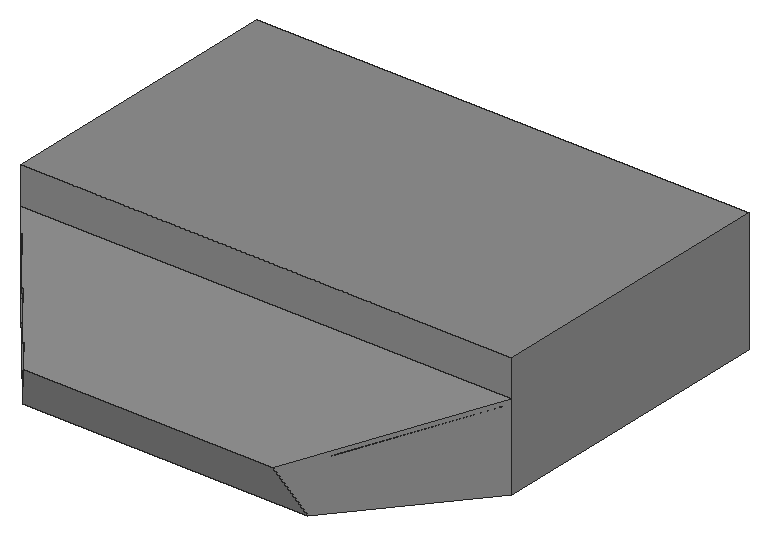
Revit family "QF_Summit_HSHELL20PL_Shell Hood", category Specialty Equipment, Revit 2020
Family settings
  Round Connector Dimension = Use Diameter
  Part Type = Normal
  Work Plane-Based = No
  Always vertical = Yes
  Cut with Voids When Loaded = No
  Shared = No
  Room Calculation Point = No
Parameters
  Weight in Pounds = 10
  URL Cutsheet = ""
  Specification by User = ""
  Specification by Manufacturer = ""
  Serial Number = ""
  Seismic Rating = ""
  SMACNA No = ""
  Revision Code = ""
  NAFEM Spec ID Number = ""
  Model = "HSHELL20PL"
  Masterspec = ""
  Manufacturer = "Summit"
  Length = 20"
  Item Number = ""
  Installed By = ""
  Identify Quantity as Lot = yes
  Height = 5"
  Furnished By = ""
  Foodservice Equipment Identifier = yes
  Description = "20\" Shell Hood"
  Depth = 18"
  Default Elevation = 0"
  CSI MasterFormat = ""
Reference planes (in)
  plane 1 "BACK": y = 0
  plane 2: z = 0
  plane 3 "LEFT": x = 0
  plane 4 "RIGHT": x = 20
  plane 5 "FRONT": y = -18
  plane 6 "TOP": z = 5
  plane 7 "Center Y": x = 10
  plane 8 "Center X": y = -9
  plane 9: z = 3.5
  plane 10: y = -12
  plane 11: z = 1.875
  plane 12: x = 4.9375
  plane 13: x = 15.0625
Forms (in)
  Extrusion 1, solid, material "QF_Paint_Gray"
    sketch origin (0, 0, 0) x (1, 0, 0) y (0, 1, 0)
      loop
        line (0, 0) -> (0, -12) -> (20, -12) -> (20, 0) -> (0, 0)
    from 0 to 5
  Extrusion 2, solid, material "QF_Paint_Gray"
    sketch origin (20, 0, 0) x (0, 1, 0) y (0, 0, 1)
      loop
        line (-18, 1.875) -> (-17.12567, 0) -> (-12, 0) -> (-12, 3.5) -> (-18, 1.875)
    from -20 to 0
  Extrusion 3, void
    sketch origin (0, 0, 0) x (1, 0, 0) y (0, 1, 0)
      loop
        line (0, -12) -> (-0.1875, -12) -> (-0.1875, -18.25) -> (4.9375, -18.25) -> (4.9375, -18) -> (0, -12)
      loop
        line (20, -12) -> (15.0625, -18) -> (15.0625, -18.25) -> (20.1875, -18.25) -> (20.1875, -12) -> (20, -12)
    from 0 to 3.5
  Blend 4, void
    base sketch origin (0, -2, 0) x (0, -1, 0) y (0, 0, -1)
      loop
        line (9.75, -4.75) -> (9.75, -0.25) -> (-1.75, -0.25) -> (-1.75, -4.75) -> (9.75, -4.75)
    top sketch origin (0, -2, 0) x (0, -1, 0) y (0, 0, -1)
      loop
        line (9.625, -4.625) -> (9.625, -0.375) -> (-1.625, -0.375) -> (-1.625, -4.625) -> (9.625, -4.625)
    from 0 to 0.08017
  Blend 5, void
    base sketch origin (19.875, -2, 0) x (0, -1, 0) y (0, 0, 1)
      loop
        line (9.75, 4.75) -> (-1.75, 4.75) -> (-1.75, 0.25) -> (9.75, 0.25) -> (9.75, 4.75)
    top sketch origin (19.875, -2, 0) x (0, -1, 0) y (0, 0, 1)
      loop
        line (9.625, 4.625) -> (-1.625, 4.625) -> (-1.625, 0.375) -> (9.625, 0.375) -> (9.625, 4.625)
    from 0 to 0.08017
  Blend 6, void
    base sketch origin (0, -12, 0) x (-0.635425, 0.772162, 0) y (0, 0, 1)
      loop
        line (-7.37414, 1.70246) -> (-6.497, 0.25) -> (-0.25, 0.25) -> (-0.25, 3.19231) -> (-7.37414, 1.70246)
    top sketch origin (0, -12, 0) x (-0.635425, 0.772162, 0) y (0, 0, 1)
      loop
        line (-7.28514, 1.65857) -> (-6.47224, 0.3125) -> (-0.3125, 0.3125) -> (-0.3125, 3.11674) -> (-7.28514, 1.65857)
    from 0 to 0.08636
  Blend 7, void
    base sketch origin (19.875, -12, 0) x (0.635425, 0.772162, 0) y (0, 0, -1)
      loop
        line (-7.37414, -1.70246) -> (-0.25, -3.19231) -> (-0.25, -0.25) -> (-6.497, -0.25) -> (-7.37414, -1.70246)
    top sketch origin (19.875, -12, 0) x (0.635425, 0.772162, 0) y (0, 0, -1)
      loop
        line (-7.28514, -1.65857) -> (-0.3125, -3.11674) -> (-0.3125, -0.3125) -> (-6.47224, -0.3125) -> (-7.28514, -1.65857)
    from 0 to 0.08636
Cuts and joins
  Extrusion 3, Blend 6, Blend 7 cuts Extrusion 2
  Blend 4, Blend 5, Blend 6 cuts Extrusion 1
Lines and regions (in)
  symbolic lines
    curve 1: line (0, 0, 0) -> (0, -12, 0)
    curve 2: line (0, -12, 0) -> (20, -12, 0)
    curve 3: line (20, -12, 0) -> (20, 0, 0)
    curve 4: line (20, 0, 0) -> (0, 0, 0)
    curve 5: line (0, -12, 0) -> (4.9375, -18, 0)
    curve 6: line (4.9375, -18, 0) -> (15.0625, -18, 0)
    curve 7: line (15.0625, -18, 0) -> (20, -12, 0)
Dimensions and locks (in)
  equal spacing: plane 3 "LEFT", plane 7 "Center Y", plane 4 "RIGHT"
  "Length": plane 3 "LEFT" to plane 4 "RIGHT"
  equal spacing: plane 5 "FRONT", plane 8 "Center X", plane 1 "BACK"
  "Depth": plane 5 "FRONT" to plane 1 "BACK"
  "Height": plane 6 "TOP" to level
  plane 9 to level = 3 1/2"
  plane 10 to plane 1 "BACK" = 12"
  plane 5 "FRONT" to plane 1 "BACK" = 18"
  locked: plane 4 "RIGHT" to plane 13 at 4.9375
  plane 4 "RIGHT" to plane 3 "LEFT" = 20"
  aligned and locked: level to plane 2
  aligned and locked: plane 6 "TOP" to Extrusion 1
  aligned and locked: Extrusion 2 to plane 3 "LEFT"
  aligned and locked: plane 9 to Extrusion 3
  aligned and locked: cut or joined group of Extrusion 2, Extrusion 3, Blend 6, Blend 7 to plane 4 "RIGHT"
Automatic sketch dimensions
  Extrusion 1 sketch curve to plane 3 "LEFT" = 0"
  Extrusion 1 sketch curve to plane 4 "RIGHT" = 0"
  plane 10 to Extrusion 1 sketch curve = 0"
  plane 1 "BACK" to Extrusion 1 sketch curve = 0"
  Extrusion 2 sketch curve to plane 5 "FRONT" = 0"
  Extrusion 2 sketch curve to level = 0"
  Extrusion 2 sketch curve to plane 10 = 0"
  plane 11 to Extrusion 2 sketch curve = 0"
  Extrusion 2 sketch curve to plane 9 = 0"
  Extrusion 2 sketch curve to plane 5 "FRONT" = 0.87433"
  plane 10 to Extrusion 3 sketch curve = 0"  (x2)
  Extrusion 3 sketch curve to plane 3 "LEFT" = 0"
  Extrusion 3 sketch curve to plane 12 = 0"
  Extrusion 3 sketch curve to plane 13 = 0"
  Extrusion 3 sketch curve to plane 4 "RIGHT" = 0"
  plane 5 "FRONT" to Extrusion 3 sketch curve = 0"  (x2)
  Extrusion 3 sketch curve to plane 3 "LEFT" = 3/16"
  Extrusion 3 sketch curve to plane 4 "RIGHT" = 3/16"
  plane 5 "FRONT" to Extrusion 3 sketch curve = 1/4"  (x2)
  Blend 4 sketch curve to Extrusion 1 = 1/4"  (x3)
  Extrusion 1 to Blend 4 sketch curve = 1/4"
  Blend 4 sketch curve to Extrusion 1 = 3/8"  (x3)
  Extrusion 1 to Blend 4 sketch curve = 3/8"
  plane 1 "BACK" to Blend 5 sketch curve = 1/4"
  Blend 5 sketch curve to plane 10 = 1/4"
  level to Blend 5 sketch curve = 1/4"
  Blend 5 sketch curve to plane 6 "TOP" = 1/4"
  plane 1 "BACK" to Blend 5 sketch curve = 3/8"
  Blend 5 sketch curve to plane 10 = 3/8"
  level to Blend 5 sketch curve = 3/8"
  Blend 5 sketch curve to plane 6 "TOP" = 3/8"
  Extrusion 3 to Blend 6 sketch curve = 0.39625"
  Blend 6 sketch curve to Extrusion 3 = 1/4"
  Extrusion 3 to Blend 6 sketch curve = 1.27339"
  Extrusion 3 to Blend 6 sketch curve = 1/4"
  Blend 6 sketch curve to Blend 6 sketch curve = 1.45246"
  Blend 6 sketch curve to Extrusion 3 = 0.30769"
  Extrusion 3 to Blend 6 sketch curve = 0.48525"
  Blend 6 sketch curve to Extrusion 3 = 5/16"
  Extrusion 3 to Blend 6 sketch curve = 1.29814"
  Extrusion 3 to Blend 6 sketch curve = 5/16"
  Blend 6 sketch curve to Blend 6 sketch curve = 1.34607"
  Blend 6 sketch curve to Extrusion 3 = 0.38326"
  plane 11 to Blend 7 sketch curve = 0.17254"
  level to Blend 7 sketch curve = 1/4"
  Blend 7 sketch curve to Blend 7 sketch curve = 0.87714"
  Blend 7 sketch curve to Blend 7 sketch curve = 6.247"
  Blend 7 sketch curve to plane 9 = 0.30769"
  plane 11 to Blend 7 sketch curve = 0.21643"
  level to Blend 7 sketch curve = 5/16"
  Blend 7 sketch curve to Blend 7 sketch curve = 0.81289"
  Blend 7 sketch curve to Blend 7 sketch curve = 6.15974"
  Blend 7 sketch curve to plane 9 = 0.38326"
  curve 1 to plane 3 "LEFT" = 0"
  plane 1 "BACK" to curve 3 = 0"
  curve 3 to plane 4 "RIGHT" = 0"
  plane 10 to curve 1 = 0"
  plane 5 "FRONT" to curve 6 = 0"
  curve 6 to plane 12 = 0"
  curve 6 to plane 13 = 0"
